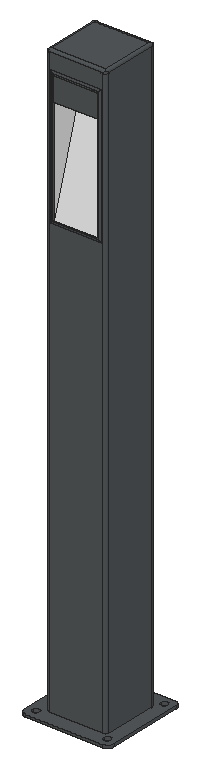
Revit family "svetilnik_alfresco_ar deko_dtu19", category Lighting Fixtures, Revit 2016 (continued)
Definition of nested family "Источник света Ар_Деко"
  Types (5, lengths in mm): name | Photometric Web File | built-in parameter 1150142
           0.2\r\n       0.2       0.2       0.2       0.2       0.2       0.2       0.2       0.2\r\n       0.2       0.2       0.2       0.2       0.2       0.2       0.2       0.2\r\n       0.2       0.2       0.2       0.2       0.3       0.2       0.2       0.2\r\n       0.2       0.2       0.3       0.3       0.2       0.3       0.3       0.3\r\n       0.3       0.3       0.3       0.2       0.2       0.3       0.3       0.2\r\n       0.2       0.2       0.2       0.2       0.1       0.1       0.1       0.1\r\n       0.1       0.1       0.0       0.0       0.0\r\n       0.0       0.0       0.3       0.2       0.3       0.2       0.2       0.2\r\n       0.3       0.3       0.3       0.3       4.6      78.9     142.8     185.9\r\n     223.5     262.1     318.1     370.2     458.1     526.7     535.8     533.9\r\n     533.3     532.6     534.8     534.8     534.7     533.1     535.8     535.6\r\n     535.7     535.4     531.6     532.7     531.1     524.8     522.6     522.4\r\n     517.1     515.0     512.4     511.3     510.4     507.2     504.4     500.2\r\n     495.5     493.1     489.6     486.2     479.2     471.1     450.6     421.7\r\n     391.2     365.6     348.9     339.1     318.4     302.9     291.3     277.1\r\n     263.7     243.6     235.5     228.9     210.2     192.3     180.0     172.6\r\n     155.7     137.7     122.3     103.6      91.6      83.6      66.9      43.2\r\n      19.9       5.3       0.9       0.2       0.2       0.2       0.2       0.2\r\n       0.2       0.2       0.2       0.2       0.2       0.2       0.2       0.2\r\n       0.2       0.2       0.2       0.2       0.2       0.2       0.2       0.2\r\n       0.2       0.2       0.2       0.2       0.2       0.2       0.2       0.2\r\n       0.2       0.2       0.2       0.2       0.2       0.2       0.2       0.2\r\n       0.2       0.2       0.2       0.2       0.2       0.2       0.2       0.2\r\n       0.2       0.2       0.2       0.2       0.2       0.2       0.2       0.2\r\n       0.2       0.2       0.2       0.2       0.2       0.2       0.2       0.2\r\n       0.2       0.2       0.2       0.3       0.3       0.3       0.2       0.3\r\n       0.2       0.3       0.3       0.3       0.3       0.3       0.3       0.3\r\n       0.3       0.3       0.3       0.3       0.2       0.3       0.3       0.3\r\n       0.3       0.2       0.2       0.2       0.1       0.1       0.1       0.1\r\n       0.1       0.1       0.0       0.0       0.0\r\n       0.0       0.0       0.3       0.2       0.3       0.2       0.2       0.2\r\n       0.3       0.4       0.3       0.4      10.6      91.2     152.8     193.3\r\n     230.4     273.9     332.1     387.0     483.5     527.0     529.1     529.4\r\n     531.5     532.1     536.3     536.5     537.8     536.7     535.4     534.9\r\n     532.4     531.9     530.5     529.1     529.4     528.0     526.3     524.6\r\n     525.1     522.4     517.3     512.3     511.7     507.9     504.6     502.8\r\n     500.7     498.3     492.5     485.9     477.2     465.6     443.3     418.5\r\n     391.4     362.9     344.9     330.7     313.0     297.6     290.6     281.1\r\n     263.8     246.0     234.3     224.1     209.5     195.4     181.9     171.7\r\n     155.3     138.6     124.0     103.1      91.1      79.4      62.1      44.5\r\n      23.2       5.7       0.5       0.2       0.2       0.2       0.2       0.2\r\n       0.2       0.2       0.2       0.2       0.2       0.2       0.2       0.2\r\n       0.2       0.2       0.2       0.2       0.2       0.2       0.2       0.2\r\n       0.2       0.2       0.2       0.2       0.2       0.2       0.2       0.2\r\n       0.2       0.2       0.2       0.2       0.2       0.2       0.2       0.2\r\n       0.2       0.2       0.2       0.2       0.2       0.2       0.2       0.2\r\n       0.2       0.2       0.2       0.2       0.2       0.2       0.2       0.2\r\n       0.2       0.2       0.2       0.2       0.2       0.2       0.2       0.3\r\n       0.3       0.3       0.2       0.3       0.3       0.3       0.3       0.3\r\n       0.3       0.3       0.3       0.3       0.3       0.3       0.3       0.3\r\n       0.3       0.3       0.3       0.3       0.3       0.3       0.3       0.3\r\n       0.3       0.2       0.2       0.2       0.1       0.1       0.1       0.1\r\n       0.1       0.1       0.0       0.0       0.0\r\n       0.0       0.0       0.3       0.2       0.3       0.2       0.2       0.2\r\n       0.3       0.4       0.3       0.4      19.5      97.9     159.2     203.3\r\n     245.7     295.2     350.0     404.0     496.9     525.7     524.4     525.9\r\n     528.8     531.2     533.4     534.8     536.6     538.5     538.2     539.2\r\n     538.2     540.7     540.6     536.5     534.0     532.2     531.4     526.1\r\n     526.9     524.4     521.8     521.5     519.9     514.6     513.7     509.8\r\n     498.4     495.1     493.8     488.0     480.8     466.4     440.6     408.7\r\n     379.6     362.8     346.4     330.2     310.8     298.1     290.5     272.1\r\n     256.8     243.4     235.9     223.3     203.5     188.3     179.2     168.8\r\n     150.6     134.1     115.7     101.8      91.0      78.6      60.2      38.3\r\n      17.5       3.9       0.6       0.2       0.2       0.2       0.2       0.2\r\n       0.2       0.2       0.2       0.2       0.2       0.2       0.2       0.2\r\n       0.2       0.2       0.2       0.2       0.2       0.2       0.2       0.2\r\n       0.2       0.2       0.2       0.2       0.2       0.2       0.2       0.2\r\n       0.2       0.2       0.2       0.2       0.2       0.2       0.2       0.2\r\n       0.2       0.2       0.2       0.2       0.2       0.2       0.2       0.2\r\n       0.2       0.2       0.2       0.3       0.2       0.2       0.3       0.2\r\n       0.2       0.2       0.3       0.2       0.3       0.2       0.3       0.3\r\n       0.3       0.3       0.3       0.3       0.3       0.3       0.3       0.3\r\n       0.3       0.3       0.3       0.3       0.3       0.3       0.3       0.3\r\n       0.3       0.3       0.3       0.3       0.3       0.3       0.3       0.3\r\n       0.3       0.3       0.3       0.2       0.1       0.1       0.1       0.1\r\n       0.1       0.1       0.0       0.0       0.0\r\n       0.0       0.0       0.3       0.2       0.3       0.2       0.2       0.2\r\n       0.3       0.4       0.3       0.4      27.1     103.7     162.8     210.4\r\n     255.5     309.3     364.3     425.8     510.3     529.1     530.1     531.7\r\n     534.6     534.5     535.2     538.5     534.0     540.3     539.5     538.3\r\n     540.7     536.3     536.0     536.8     535.5     531.1     530.8     530.1\r\n     526.4     524.1     525.1     522.4     521.5     515.4     513.3     512.8\r\n     508.9     506.9     502.3     496.8     490.9     468.4     443.5     414.8\r\n     386.1     363.2     350.0     332.8     313.4     300.0     291.4     276.8\r\n     258.7     244.6     235.6     223.8     206.8     194.0     185.6     173.6\r\n     152.3     136.6     116.8      97.9      87.4      74.9      59.9      38.1\r\n      17.2       2.9       0.3       0.3       0.2       0.2       0.2       0.3\r\n       0.2       0.2       0.3       0.3       0.2       0.2       0.2       0.2\r\n       0.2       0.2       0.2       0.2       0.2       0.2       0.2       0.2\r\n       0.3       0.2       0.2       0.2       0.2       0.2       0.3       0.2\r\n       0.2       0.2       0.2       0.3       0.3       0.3       0.3       0.2\r\n       0.2       0.3       0.2       0.3       0.3       0.3       0.3       0.3\r\n       0.3       0.3       0.3       0.3       0.3       0.3       0.3       0.3\r\n       0.3       0.3       0.3       0.3       0.3       0.3       0.3       0.3\r\n       0.3       0.3       0.3       0.3       0.3       0.3       0.3       0.3\r\n       0.3       0.3       0.3       0.3       0.3       0.3       0.3       0.3\r\n       0.3       0.3       0.3       0.3       0.3       0.3       0.3       0.3\r\n       0.3       0.3       0.3       0.2       0.1       0.1       0.1       0.1\r\n       0.1       0.1       0.0       0.0       0.0\r\n       0.0       0.0       0.3       0.2       0.3       0.2       0.2       0.2\r\n       0.3       0.4       0.3       0.6      31.4     109.5     166.2     212.1\r\n     254.3     309.1     362.6     435.6     513.3     535.3     537.2     539.5\r\n     537.0     540.4     539.5     539.5     539.6     539.4     537.3     538.8\r\n     537.9     538.1     537.0     536.2     539.1     541.1     538.4     538.2\r\n     538.6     537.6     532.5     525.5     520.7     518.0     517.1     513.8\r\n     508.3     506.1     504.3     499.0     484.4     463.9     431.7     401.4\r\n     376.5     358.3     347.3     327.1     306.1     298.5     290.2     274.7\r\n     259.1     247.4     238.4     223.1     203.6     190.6     182.0     167.2\r\n     147.1     131.8     112.2      98.5      88.8      76.2      56.0      35.6\r\n      16.4       2.5       0.3       0.3       0.3       0.3       0.3       0.3\r\n       0.3       0.3       0.3       0.3       0.3       0.3       0.3       0.3\r\n       0.3       0.3       0.3       0.3       0.3       0.3       0.3       0.3\r\n       0.3       0.3       0.3       0.3       0.3       0.3       0.3       0.3\r\n       0.3       0.3       0.3       0.3       0.3       0.3       0.3       0.3\r\n       0.3       0.3       0.3       0.3       0.3       0.3       0.3       0.3\r\n       0.3       0.3       0.3       0.3       0.3       0.3       0.3       0.3\r\n       0.3       0.3       0.3       0.3       0.3       0.3       0.3       0.3\r\n       0.3       0.3       0.3       0.3       0.3       0.3       0.3       0.3\r\n       0.3       0.3       0.3       0.3       0.3       0.3       0.3       0.3\r\n       0.3       0.3       0.3       0.3       0.3       0.3       0.3       0.3\r\n       0.3       0.3       0.3       0.2       0.1       0.1       0.1       0.1\r\n       0.1       0.1       0.0       0.0       0.0\r\n       0.0       0.0       0.3       0.2       0.3       0.2       0.2       0.2\r\n       0.3       0.4       0.3       0.7      35.3     114.3     169.4     211.3\r\n     250.7     303.9     354.9     436.0     514.4     537.1     540.8     543.3\r\n     541.3     544.1     541.7     541.0     541.5     539.4     542.7     541.0\r\n     540.1     542.3     542.6     540.3     537.2     536.8     537.3     537.3\r\n     535.5     532.3     527.4     527.7     528.8     527.2     521.5     520.9\r\n     517.6     510.3     502.1     495.9     483.4     457.5     430.2     403.3\r\n     375.2     356.3     343.1     328.7     313.9     303.7     291.4     268.9\r\n     251.3     243.9     234.3     221.1     204.0     192.2     185.5     172.6\r\n     151.8     135.7     114.9      99.8      87.9      71.9      54.3      36.2\r\n      11.9       1.9       0.3       0.3       0.3       0.3       0.3       0.3\r\n       0.3       0.3       0.3       0.3       0.3       0.3       0.3       0.3\r\n       0.3       0.3       0.3       0.3       0.3       0.3       0.3       0.3\r\n       0.3       0.3       0.3       0.3       0.3       0.3       0.3       0.3\r\n       0.3       0.3       0.3       0.3       0.3       0.3       0.3       0.3\r\n       0.3       0.3       0.3       0.3       0.3       0.3       0.3       0.3\r\n       0.3       0.3       0.3       0.3       0.3       0.3       0.3       0.3\r\n       0.3       0.3       0.3       0.3       0.3       0.3       0.3       0.3\r\n       0.3       0.3       0.3       0.3       0.3       0.3       0.3       0.3\r\n       0.3       0.3       0.3       0.3       0.3       0.3       0.3       0.3\r\n       0.3       0.3       0.3       0.3       0.4       0.3       0.3       0.3\r\n       0.3       0.3       0.3       0.2       0.1       0.1       0.1       0.1\r\n       0.1       0.1       0.0       0.0       0.0\r\n       0.0       0.0       0.3       0.2       0.3       0.2       0.2       0.2\r\n       0.3       0.4       0.3       0.7      40.0     116.6     170.4     211.8\r\n     252.8     307.4     357.2     439.0     514.5     533.9     539.0     540.9\r\n     541.5     540.2     540.5     542.9     542.6     541.7     538.4     538.3\r\n     537.7     537.4     538.8     542.3     537.9     537.5     538.0     534.0\r\n     531.1     530.1     530.4     528.4     524.9     526.0     523.7     518.4\r\n     512.6     507.1     501.8     494.2     478.4     454.0     426.9     395.5\r\n     372.9     358.1     341.9     323.2     309.6     299.7     288.2     270.6\r\n     252.3     243.9     234.1     218.3     203.0     193.9     184.1     168.5\r\n     147.5     130.7     109.3      94.1      86.6      74.5      54.5      28.8\r\n      12.5       2.7       0.4       0.3       0.3       0.3       0.3       0.3\r\n       0.3       0.3       0.3       0.3       0.3       0.3       0.3       0.3\r\n       0.3       0.3       0.3       0.3       0.3       0.3       0.3       0.3\r\n       0.3       0.3       0.3       0.3       0.3       0.3       0.3       0.3\r\n       0.3       0.3       0.3       0.3       0.3       0.3       0.3       0.3\r\n       0.3       0.3       0.3       0.3       0.3       0.3       0.3       0.3\r\n       0.3       0.4       0.3       0.3       0.3       0.3       0.3       0.3\r\n       0.3       0.3       0.3       0.3       0.4       0.4       0.3       0.4\r\n       0.4       0.4       0.3       0.4       0.4       0.4       0.4       0.3\r\n       0.3       0.3       0.4       0.4       0.4       0.3       0.3       0.4\r\n       0.3       0.3       0.3       0.3       0.4       0.3       0.3       0.3\r\n       0.3       0.3       0.3       0.2       0.1       0.1       0.1       0.1\r\n       0.1       0.1       0.0       0.0       0.0\r\n"
  Reference planes
    plane 1 "По центру (Вперед/Назад)": y = 0
    plane 2: z = 0
    plane 3 "По центру (Влево/Вправо)": x = 0
    plane 4: x = -100
    plane 5: x = 100
    plane 6: z = -230
    plane 7: x = -95
    plane 8: x = 95
    plane 9: z = -225
    plane 10: z = -5
    plane 11: z = -45
    plane 12: y = 55
  Forms (mm)
    Sweep 1, solid, material <- "Корпус"
      path origin (0, 0, 0) x (1, 0, 0) y (0, 0, 1)
        loop
          line (95, -225) -> (95, -5) -> (-95, -5) -> (-95, -225) -> (95, -225)
      profile origin (0, 0, -225) x (0, 0, -1) y (0, -1, 0)
        loop
          line (5, 0) -> (5, 0.782) -> (0.955, 2) -> (0, 2) -> (0, 0) -> (5, 0)
    Extrusion 2, solid, material <- "Корпус"
      sketch origin (0, 0, 0) x (1, 0, 0) y (0, 0, 1)
        loop
          line (-95, -5) -> (-95, -45) -> (95, -45) -> (95, -5) -> (-95, -5)
      from 0 to 2
    Extrusion 3, solid, material <- "Отражатель"
      sketch origin (0, 0, 0) x (0, 1, 0) y (0, 0, 1)
        loop
          line (0, -45) -> (0, -225) -> (55, -45) -> (0, -45)
      from -95.955 to -95
    Extrusion 4, solid, material <- "Отражатель"
      sketch origin (0, 0, 0) x (0, 1, 0) y (0, 0, -1)
        loop
          line (0, 45) -> (55, 45) -> (0, 225) -> (0, 45)
      from -95.955 to -95
    Extrusion 5, solid, material <- "Отражатель"
      sketch origin (0, 0, 0) x (0, 1, 0) y (0, 0, 1)
        loop
          line (0, -225) -> (0.8, -225) -> (55.8, -45) -> (55, -45) -> (0, -225)
      from -95 to 95
    Extrusion 6, solid, material <- "Отражатель"
      sketch origin (0, 0, 0) x (1, 0, 0) y (0, 1, 0)
        loop
          line (-95, 55) -> (-95, 0) -> (95, 0) -> (95, 55) -> (-95, 55)
        loop
          line (-83, 17.551) -> (-83, 5.946) -> (83, 5.946) -> (83, 17.551) -> (-83, 17.551)
      from -45 to -43.832
    Extrusion 7, solid, material <- "Рассеиватель"
      sketch origin (0, 0, 0) x (1, 0, 0) y (0, 1, 0)
        loop
          line (-83, 17.551) -> (-83, 5.946) -> (83, 5.946) -> (83, 17.551) -> (-83, 17.551)
      from -45 to -43.832
  Dimensions and locks
    "Толщина рамки": plane 7 to plane 4
    "Толщина рамки": plane 8 to plane 5
    equal spacing: plane 5, plane 3 "По центру (Влево/Вправо)", plane 4
    "Ширина": plane 5 to plane 4
    "Толщина рамки": plane 9 to plane 6
    "Толщина рамки": level to plane 10
    locked: Sweep 1 sketch curve to Sweep 1 sketch curve at 2
    locked: Extrusion 3 to plane 7 at 0.955
    locked: plane 8 to Extrusion 4 at 0.955
    equal spacing: Extrusion 6 sketch curve, plane 3 "По центру (Влево/Вправо)", Extrusion 6 sketch curve
    locked: plane 7 to Extrusion 6 sketch curve at 12
    Extrusion 6 sketch curve to plane 8 = 12 mm
    aligned and locked: level to plane 2
    aligned and locked: Sweep 1 sketch curve to plane 9  (x2)
    aligned and locked: Sweep 1 sketch curve to plane 10
    aligned and locked: plane 7 to Sweep 1 sketch curve
    aligned and locked: Sweep 1 sketch curve to plane 6
    aligned and locked: plane 1 "По центру (Вперед/Назад)" to Sweep 1 sketch curve
    aligned and locked: Extrusion 2 sketch curve to plane 10
    aligned and locked: plane 8 to Extrusion 2 sketch curve
    aligned and locked: Extrusion 2 sketch curve to plane 11
    aligned and locked: plane 7 to Extrusion 2 sketch curve
    aligned and locked: Sweep 1 to Extrusion 2  (x2)
    aligned and locked: plane 7 to Extrusion 3
    aligned and locked: plane 8 to Extrusion 4
    aligned and locked: Extrusion 5 sketch curve to Extrusion 3
    aligned and locked: Extrusion 5 to plane 7
    aligned and locked: Extrusion 5 to plane 8
    aligned and locked: Extrusion 6 sketch curve to Extrusion 5
    aligned and locked: plane 8 to Extrusion 6 sketch curve
    aligned and locked: plane 7 to Extrusion 6 sketch curve
    aligned and locked: Extrusion 6 sketch curve to plane 1 "По центру (Вперед/Назад)"
    aligned and locked: Extrusion 7 sketch curve to Extrusion 6  (x4)
  Automatic sketch dimensions
    plane 8 to Sweep 1 sketch curve = 0 mm
    Sweep 1 sketch curve to profile plane = 0.955 mm
    plane 1 "По центру (Вперед/Назад)" to Sweep 1 sketch curve = 0.782 mm
    Extrusion 3 sketch curve to plane 1 "По центру (Вперед/Назад)" = 0 mm
    plane 11 to Extrusion 3 sketch curve = 0 mm
    Extrusion 3 sketch curve to plane 12 = 0 mm
    Extrusion 3 sketch curve to plane 9 = 0 mm
    Extrusion 4 sketch curve to plane 1 "По центру (Вперед/Назад)" = 0 mm
    plane 11 to Extrusion 4 sketch curve = 0 mm
    Extrusion 4 sketch curve to plane 12 = 0 mm
    Extrusion 4 sketch curve to plane 9 = 0 mm
    Extrusion 5 sketch curve to plane 9 = 0 mm
    plane 11 to Extrusion 5 sketch curve = 0 mm
    Extrusion 5 sketch curve to Extrusion 5 sketch curve = 0.8 mm  (x2)
    Extrusion 6 sketch curve to plane 1 "По центру (Вперед/Назад)" = 5.946 mm
    Extrusion 6 sketch curve to Extrusion 6 sketch curve = 11.605 mm
Definition of nested family "УГО_Осветительный прибор"
  Reference planes
    plane 1: y = 0
    plane 2: x = 0
  Lines and regions (mm)
    detail lines
      curve 1: circle (0, 0, 0) r 1.75 normal (0, 0, 1)
      curve 2: line (-1.021, 1.421, 0) -> (-1.021, -1.421, 0)
      curve 3: line (1.021, 1.421, 0) -> (1.021, -1.421, 0)
Types (5, lengths in mm): name | Световой поток2 | Apparent Load | Длина рассеивателя | dv2/2 | dv2 | dv | dg | ADSK_Ток | ADSK_Размер_Ширина | ADSK_Размер_Длина | ADSK_Размер_Высота | ADSK_Полная мощность | ADSK_Номинальная мощность | ADSK_Наименование | ADSK_Модель | ADSK_Масса | ADSK_Артикул
  (no name) | 156 lm | 4.08163 VA | 85 | 7.5 | 15 | 31.56 | 8 | 0.0185529 A | 100 | 100 | 1000 | 4.08163 VA | 4 W | "Светодиодный светильник Ар-Деко ДТУ-19.0-AF-1,3Вт-1,0" | "ДТУ-19.0-AF Ар-деко" | 13 | "ДТУ199"
  ДТУ 19.0 AF | 156 lm | 4.08163 VA | 85 | 7.5 | 15 | 31.56 | 8 | 0.0185529 A | 100 | 100 | 1000 | 4.08163 VA | 4 W | "Светодиодный светильник Ар-Деко ДТУ-19.0-AF-1,3Вт-1,0" | "ДТУ-19.0-AF Ар-деко" | 13 | "ДТУ199"
  ДТУ 19.1 AF | 480 lm | 4.08163 VA | 180 | 10 | 20 | 31.56 | 8 | 0.0185529 A | 160 | 200 | 1000 | 4.08163 VA | 4 W | "Светодиодный светильник Ар-Деко ДТУ-19.1-AF-4Вт-1,0" | "ДТУ-19.1-AF Ар-деко" | 34 | "ДТУ1911"
  ДТУ 19.2 AF 2 | 960 lm | 8.16327 VA | 230 | 25 | 50 | 31.56 | 8 | 0.0371058 A | 280 | 280 | 500 | 8.16327 VA | 8 W | "Светодиодный светильник Ар-Деко ДТУ-19.2-AF-2-8Вт-0,5" | "ДТУ-19.2-AF-2 Ар-деко" | 29 | "ДТУ1916"
  ДТУ 19.3 AF 4 | 1920 lm | 16.3265 VA | 250 | 25 | 50 | 40 | 15 | 0.0742115 A | 300 | 300 | 500 | 16.3265 VA | 16 W | "Светодиодный светильник Ар-Деко ДТУ-19.3-AF-4-16Вт-0,5" | "ДТУ-19.3-AF-4 Ар-деко" | 31 | "ДТУ1920"
